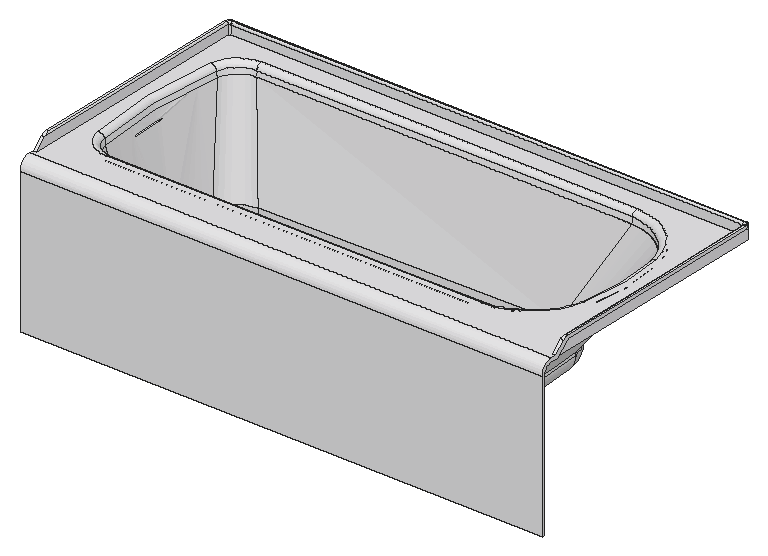
Revit family "Bath-Alcove-KOHLER-AVEC-K-25830_1", category Plumbing Fixtures, host Face, Revit 2021
Family settings
  Host = Face
  Round Connector Dimension = Use Diameter
  Part Type = Normal
  OmniClass Number = 23.31.15.00
  OmniClass Title = Bathtubs
  Cut with Voids When Loaded = No
  Shared = No
  Room Calculation Point = No
Parameters (values of type "Left Drain, 0-White")
  Width = 30"  # constant formula
  WaterSense Certified = 1 = 0  # no
  Waste Water Outlet = "Waste Water Outlet"  # constant formula
  Waste Connection = 1 = 1  # yes
  Vent Connection = 1 = 0  # no
  URL = "https://www.us.kohler.com/us/"
  Type = 1
  Right Drain = or(Type = 4, Type = 5, Type = 6)  # no
  Product Page URL = "http://www.us.kohler.com/us/catalog/productDetails.jsp?productId=25830-LA"
  Product Name = "AVEC\r\n"  # constant formula
  Product Documentation Link = "https://www.us.kohler.com/webassets/kpna/catalog/pdf/en/K-25830-LA_spec_US-CA_Kohler_en.pdf"
  Model = if(Type = 1, "K-25830-LA-0", if(Type = 2, "K-25830-LA-96", if(Type = 3, "K-25830-LA-NY", if(Type = 4, "K-25830-RA-0", if(Type = 5, "K-25830-RA-96", if(Type = 6, "K-25830-RA-NY", "NA"))))))  # "K-25830-LA-0"
  Material = "Acrylic\r\n"  # constant formula
  Master Format 2014 Name = "Residential Bathtubs"  # constant formula
  Master Format 2014 = "22 41 19"  # constant formula
  Manufacturer Address = "444 Highland Dr, Kohler, WI 53044"  # constant formula
  Manufacturer = "Kohler Co."  # constant formula
  Length = 60"  # constant formula
  Left Drain = or(Type = 1, Type = 2, Type = 3)  # yes
  Hot Water Inlet = "Hot Water Inlet"  # constant formula
  Height = 19 95/256"  # constant formula
  HW Connection = 1 = 0  # no
  Finish = KOHLER-Acrylic-0-White
  Environmental Product Declaration = ""
  Drain Included = 1 = 0  # no
  Distance To Connector = if(Right Drain, 10.40551", 49.52756")  # 49.52756"
  Description = if(or(Type = 1, Type = 2, Type = 3), "NEW CORE 60 INCH X 30 INCH IA BATH, LEFT HAND DRAIN", "NEW CORE 60 INCH X 30 INCH IA BATH, RIGHT HAND DRAIN")  # "NEW CORE 60 INCH X 30 INCH IA BATH, LEFT HAND DRAIN"
  Default Elevation = 0"
  Declare Label = ""
  Date Modified = "01/06/2023"  # constant formula
  Date Created = "01/06/2023"  # constant formula
  Copyright = "Copyright Kohler Co."  # constant formula
  Contact Us = "https://www.us.kohler.com/us/static/contact.jsp"
  Cold Water Inlet = "Cold Water Inlet"  # constant formula
  CW Connection = 1 = 0  # no
  Assembly Code = "D2010500"
  ADA Compliant = 1 = 0  # no
Types (7): name | Type | Right Drain | Product Page URL | Product Documentation Link | Model | Left Drain | Finish | Distance To Connector | Description
  (no name) | 1 | no | "http://www.us.kohler.com/us/catalog/productDetails.jsp?productId=25830-LA" | "https://www.us.kohler.com/webassets/kpna/catalog/pdf/en/K-25830-LA_spec_US-CA_Kohler_en.pdf" | "K-25830-LA-0" | yes | KOHLER-Acrylic-0-White | 49.52756" | "NEW CORE 60 INCH X 30 INCH IA BATH, LEFT HAND DRAIN"
  Right Drain, 0-White | 4 | yes | "http://www.us.kohler.com/us/catalog/productDetails.jsp?productId=25830-RA" | "https://www.us.kohler.com/webassets/kpna/catalog/pdf/en/K-25830-RA_spec_US-CA_Kohler_en.pdf" | "K-25830-RA-0" | no | KOHLER-Acrylic-0-White | 10.40551" | "NEW CORE 60 INCH X 30 INCH IA BATH, RIGHT HAND DRAIN"
  Left Drain, 0-White | 1 | no | "http://www.us.kohler.com/us/catalog/productDetails.jsp?productId=25830-LA" | "https://www.us.kohler.com/webassets/kpna/catalog/pdf/en/K-25830-LA_spec_US-CA_Kohler_en.pdf" | "K-25830-LA-0" | yes | KOHLER-Acrylic-0-White | 49.52756" | "NEW CORE 60 INCH X 30 INCH IA BATH, LEFT HAND DRAIN"
  Left Drain, 96-Biscuit | 2 | no | "http://www.us.kohler.com/us/catalog/productDetails.jsp?productId=25830-LA" | "https://www.us.kohler.com/webassets/kpna/catalog/pdf/en/K-25830-LA_spec_US-CA_Kohler_en.pdf" | "K-25830-LA-96" | yes | KOHLER-Acrylic-96-Biscuit | 49.52756" | "NEW CORE 60 INCH X 30 INCH IA BATH, LEFT HAND DRAIN"
  Left Drain, NY-Dune | 3 | no | "http://www.us.kohler.com/us/catalog/productDetails.jsp?productId=25830-LA" | "https://www.us.kohler.com/webassets/kpna/catalog/pdf/en/K-25830-LA_spec_US-CA_Kohler_en.pdf" | "K-25830-LA-NY" | yes | KOHLER-Acrylic-NY-Dune | 49.52756" | "NEW CORE 60 INCH X 30 INCH IA BATH, LEFT HAND DRAIN"
  Right Drain, 96-Biscuit | 5 | yes | "http://www.us.kohler.com/us/catalog/productDetails.jsp?productId=25830-RA" | "https://www.us.kohler.com/webassets/kpna/catalog/pdf/en/K-25830-RA_spec_US-CA_Kohler_en.pdf" | "K-25830-RA-96" | no | KOHLER-Acrylic-96-Biscuit | 10.40551" | "NEW CORE 60 INCH X 30 INCH IA BATH, RIGHT HAND DRAIN"
  Right Drain, NY-Dune | 6 | yes | "http://www.us.kohler.com/us/catalog/productDetails.jsp?productId=25830-RA" | "https://www.us.kohler.com/webassets/kpna/catalog/pdf/en/K-25830-RA_spec_US-CA_Kohler_en.pdf" | "K-25830-RA-NY" | no | KOHLER-Acrylic-NY-Dune | 10.40551" | "NEW CORE 60 INCH X 30 INCH IA BATH, RIGHT HAND DRAIN"
Reference planes (in)
  plane 1 "Center (Front/Back)": y = 0
  plane 2: z = 0
  plane 3 "Center (Left/Right)": x = 0
  plane 4: y = 15
  plane 5: y = -15
  plane 6: x = 30
  plane 7: x = 27.4685
  plane 8: x = 19.59449
  plane 9 "A": y = 1.37402
  plane 10: x = -30
  plane 11: x = -28.49606
  plane 12: x = -23.90157
  plane 13: x = -19.52756
  plane 14: x = -27.4685
  plane 15: x = 23.90157
  plane 16: x = 28.49606
  plane 17: y = 10.77756
  plane 18: y = 13.12008
  plane 19: y = -10.37205
  plane 20: y = -8.02953
  plane 21: z = 0.1585
  plane 22: z = 1.58298
  plane 23: z = 19.37109
  plane 24: z = 18.15062
Forms (in)
  Revolve 1, solid, material "KOHLER-Acrylic-0-White" <- "Finish", detail levels medium+fine
    sketch origin (0, 1.37402, 0) x (1, 0, 0) y (0, 0, 1)
      loop
        line (-19.52756, 0) -> (-19.52756, 1.1811) -> (-20.11811, 1.1811) -> (-20.11811, 0) -> (-19.52756, 0)
      axis (-19.52756, 0) -> (-19.52756, 1.1811)
    angle from 0 to 360
Dimensions and locks (in)
  plane 10 to plane 13 = 10.47244"  (x2)
  plane 9 "A" to plane 5 = 16.37402"
  "Distance To Connector": plane 13 to plane 6
  plane 8 to plane 6 = 10.40551"
  "Length": plane 10 to plane 6
  "Width": plane 5 to plane 4
  plane 5 to plane 9 "A" = 16.37402"
  plane 11 to plane 7 = 55.96457"
  plane 12 to plane 8 = 43.49606"
  plane 19 to plane 18 = 23.49213"
  plane 17 to plane 20 = 18.80709"
  "Height": plane 23 to level
  plane 24 to plane 23 = 1.22047"
  plane 21 to plane 24 = 17.99213"
  aligned and locked: plane 2 to host face
  aligned and locked: level to host face
Automatic sketch dimensions
  host sketch curve to host sketch curve = 96"  (x2)
  Revolve 1 sketch curve to level = 0"  (x2)
  plane 13 to Revolve 1 sketch curve = 0"  (x2)
  Revolve 1 sketch curve to Revolve 1 sketch curve = 0.59055"
  Revolve 1 sketch curve to Revolve 1 sketch curve = 1.1811"
  Revolve 1 sketch curve to level = 1.77165"
Nested families (in)
  nested 1: "K-25830" at (0, 0, 0), visible <- "Left Drain", type "K-25830"
  nested 2: "K-25830" at (0, 0, 0) x (-1, 0, 0) z (0, 0, 1), visible <- "Right Drain", type "K-25830"
Connectors (in)
  piping at (-19.52756, 1.37402, 0), diameter 1.5, driven by "Waste Connection", driven by "Waste Water Outlet"
    settings: on Revolve 1, index 1, connector inside diameter 24", connector length 0", flow factor 0, pipe flow 0 GPM, pressure drop 0.00 psi, fitting loss kfactor 0, connector angle 0.00°, fixture units 0, engagement length 0", angle of deflection 0.00°, flow configuration 0, flow direction 2, fitting loss method 0, system type 16, joint type 0, gender type 0, connector reference index -1, connector utility 1, adjustable connector no, is connector primary yes, connector description "Waste Water Outlet"
Definition of nested family "K-25830"
  Parameters (values of type "K-25830")
    Material = none
    Default Elevation = 0"
  Reference planes (in)
    plane 1 "Center (Front/Back)": y = 0
    plane 2: z = 0
    plane 3 "Center (Left/Right)": x = 0
    plane 4: x = -30
    plane 5: x = 30
    plane 6: y = 15
    plane 7: y = -15
    plane 8 "S": y = 1.37402
    plane 9: x = -19.52756
    plane 10: x = 27.4685
    plane 11: x = -28.49606
    plane 12: x = 19.59449
    plane 13: x = -23.90157
    plane 14: z = 18.14961
    plane 15: y = 13.12008
    plane 16: y = -10.37205
    plane 17: y = 10.77756
    plane 18: y = -8.02953
    plane 19: z = 19.37008
    plane 20: z = 1.58298
    plane 21: z = 0.15748
  Forms (in)
    Blend 1, solid, material <- "Material", detail levels medium+fine
      base sketch origin (0, 0, 0) x (1, 0, 0) y (0, 1, 0)
        loop
          arc (-26.06746, 6.80636) -> (-26.46859, 1.37553) -> (-26.07122, -4.05557) r 37.13773
          arc (-26.07122, -4.05557) -> (-24.77505, -6.43866) -> (-22.24505, -7.41759) r 3.93701
          line (-22.24505, -7.41759) -> (11.67915, -8.00973)
          arc (11.67915, -8.00973) -> (14.81263, -6.89316) -> (16.43353, -3.98831) r 4.72441
          arc (16.43353, -3.98831) -> (16.85406, 1.33137) -> (16.52485, 6.65748) r 37.97937
          arc (16.52485, 6.65748) -> (14.92343, 9.61628) -> (11.75912, 10.75916) r 4.72441
          line (11.75912, 10.75916) -> (-22.24169, 10.16568)
          arc (-22.24169, 10.16568) -> (-24.77066, 9.18765) -> (-26.06746, 6.80636) r 3.93701
      top sketch origin (0, 0, 0) x (1, 0, 0) y (0, 1, 0)
        loop
          arc (-27.72988, 9.69802) -> (-28.49653, 1.30189) -> (-27.82695, -7.10254) r 49.49187
          arc (-27.82695, -7.10254) -> (-26.68129, -9.1735) -> (-24.48733, -10.06119) r 3.54331
          arc (-24.48733, -10.06119) -> (-2.47405, -10.55199) -> (19.53983, -10.08895) r 508.28402
          arc (19.53983, -10.08895) -> (24.22467, -8.28764) -> (26.86938, -4.02173) r 7.87402
          arc (26.86938, -4.02173) -> (27.51575, 1.10618) -> (27.07687, 6.256) r 24.61
          arc (27.07687, 6.256) -> (24.48803, 10.72947) -> (19.68316, 12.63399) r 7.87402
          arc (19.68316, 12.63399) -> (-2.3569, 13.10324) -> (-24.39658, 12.61635) r 508.28402
          arc (-24.39658, 12.61635) -> (-26.57557, 11.74238) -> (-27.72988, 9.69802) r 3.54331
      from 4.9249 to 17.99213
    Blend 2, void
      base sketch origin (0, 0, 0) x (1, 0, 0) y (0, 1, 0)
        loop
          arc (15.74431, 6.55381) -> (14.40979, 9.01948) -> (11.77286, 9.97188) r 3.93701
          line (11.77286, 9.97188) -> (-22.22794, 9.37839)
          arc (-22.22794, 9.37839) -> (-24.25113, 8.59598) -> (-25.28856, 6.69094) r 3.14961
          arc (-25.28856, 6.69094) -> (-25.68119, 1.37526) -> (-25.29224, -3.94069) r 36.35032
          arc (-25.29224, -3.94069) -> (-24.2553, -5.84717) -> (-22.2313, -6.6303) r 3.14961
          line (-22.2313, -6.6303) -> (11.69289, -7.22245)
          arc (11.69289, -7.22245) -> (14.30413, -6.29197) -> (15.65487, -3.87126) r 3.93701
          arc (15.65487, -3.87126) -> (16.06669, 1.33813) -> (15.74431, 6.55381) r 37.19197
      top sketch origin (0, 0, 0) x (1, 0, 0) y (0, 1, 0)
        loop
          arc (26.10282, -3.84177) -> (26.72851, 1.12207) -> (26.30368, 6.10713) r 23.8226
          arc (26.30368, 6.10713) -> (23.97372, 10.13325) -> (19.64933, 11.84732) r 7.08661
          arc (19.64933, 11.84732) -> (-2.35659, 12.31583) -> (-24.36212, 11.82971) r 507.49662
          arc (-24.36212, 11.82971) -> (-26.0569, 11.14995) -> (-26.95469, 9.55989) r 2.75591
          arc (-26.95469, 9.55989) -> (-27.70914, 1.29734) -> (-27.05022, -6.97337) r 48.70447
          arc (-27.05022, -6.97337) -> (-26.15915, -8.58413) -> (-24.45274, -9.27455) r 2.75591
          arc (-24.45274, -9.27455) -> (-2.47355, -9.76459) -> (19.50623, -9.30227) r 507.49662
          arc (19.50623, -9.30227) -> (23.72258, -7.68109) -> (26.10282, -3.84177) r 7.08661
      from 4.9249 to 17.99213
    Sweep 3, solid, material <- "Material", detail levels medium+fine
      path origin (0, 0, 0) x (1, 0, 0) y (0, 1, 0)
        loop
          arc (16.52485, 6.65748) -> (14.92343, 9.61628) -> (11.75912, 10.75916) r 4.72441
          line (11.75912, 10.75916) -> (-22.24169, 10.16568)
          arc (-22.24169, 10.16568) -> (-24.77066, 9.18765) -> (-26.06746, 6.80636) r 3.93701
          arc (-26.06746, 6.80636) -> (-26.46859, 1.37553) -> (-26.07122, -4.05557) r 37.13773
          arc (-26.07122, -4.05557) -> (-24.77505, -6.43866) -> (-22.24505, -7.41759) r 3.93701
          line (-22.24505, -7.41759) -> (11.67915, -8.00973)
          arc (11.67915, -8.00973) -> (14.81263, -6.89316) -> (16.43353, -3.98831) r 4.72441
          arc (16.43353, -3.98831) -> (16.85406, 1.33137) -> (16.52485, 6.65748) r 37.97937
      profile origin (16.85406, 1.33137, 0) x (0.999963, -0.008578, 0) y (0, 0, 1)
        loop
          line (0, 4.5312) -> (0, 4.9249) -> (-0.7874, 4.9249) -> (-0.7874, 4.13749)
          arc (-0.7874, 4.13749) -> (-1.19099, 3.16313) -> (-2.16535, 2.75954) r 1.37795
          line (-2.16535, 2.75954) -> (-2.75591, 2.75954) -> (-2.75591, 2.36584) -> (-2.16535, 2.36584)
          arc (-2.16535, 2.36584) -> (-0.63422, 3.00006) -> (0, 4.5312) r 2.16535
    Extrusion 4, solid, material <- "Material", detail levels medium+fine
      sketch origin (0, 0, 0) x (1, 0, 0) y (0, 1, 0)
        loop
          arc (13.79294, 6.29464) -> (13.12568, 7.52748) -> (11.80721, 8.00368) r 1.9685
          line (11.80721, 8.00368) -> (-22.19359, 7.41019)
          arc (-22.19359, 7.41019) -> (-22.95228, 7.11678) -> (-23.34132, 6.40239) r 1.1811
          arc (-23.34132, 6.40239) -> (-23.71269, 1.37458) -> (-23.3448, -3.6535) r 34.38182
          arc (-23.3448, -3.6535) -> (-22.95595, -4.36842) -> (-22.19695, -4.6621) r 1.1811
          line (-22.19695, -4.6621) -> (11.72725, -5.25425)
          arc (11.72725, -5.25425) -> (13.03287, -4.78901) -> (13.70824, -3.57865) r 1.9685
          arc (13.70824, -3.57865) -> (14.09826, 1.35501) -> (13.79294, 6.29464) r 35.22347
      from 2.36584 to 2.75954
    Extrusion 5, void
      sketch origin (0, 0, 0) x (1, 0, 0) y (0, 0, 1)
        loop
          line (-30, 16.81102) -> (30, 16.81102) -> (30, 21.53543) -> (-30, 21.53543) -> (-30, 16.81102)
      from -15.7078 to 15.40287
    Sweep 6, solid, material <- "Material", detail levels medium+fine
      path origin (0, 0, 0) x (1, 0, 0) y (0, 1, 0)
        loop
          arc (-27.65214, -6.7667) -> (-26.49117, -8.86506) -> (-24.26599, -9.75921) r 3.57853
          arc (-24.26599, -9.75921) -> (-2.69902, -10.19655) -> (18.86808, -9.76546) r 535.81907
          arc (18.86808, -9.76546) -> (23.44029, -7.99607) -> (25.97484, -3.7994) r 7.58425
          arc (25.97484, -3.7994) -> (26.55384, 1.22995) -> (26.12644, 6.27445) r 25.46363
          arc (26.12644, 6.27445) -> (23.62943, 10.62441) -> (18.96354, 12.46467) r 7.58425
          arc (18.96354, 12.46467) -> (-2.61856, 12.86454) -> (-24.19926, 12.39495) r 535.8997
          arc (-24.19926, 12.39495) -> (-26.40805, 11.51069) -> (-27.57411, 9.4368) r 3.57833
          arc (-27.57411, 9.4368) -> (-28.29728, 1.33834) -> (-27.65214, -6.7667) r 48.31311
      profile origin (-28.29728, 1.33834, 0) x (-0.999988, 0.004816, 0) y (0, 0, 1)
        loop
          line (-0.7874, 16.81102) -> (-0.0141, 16.81102) -> (0.09395, 17.4238)
          arc (0.09395, 17.4238) -> (0.16128, 17.54041) -> (0.28781, 17.58646) r 0.19685
          line (0.28781, 17.58646) -> (0.61476, 17.58646) -> (0.61476, 17.99213) -> (0.01766, 17.99213)
          arc (0.01766, 17.99213) -> (-0.43952, 17.82573) -> (-0.68277, 17.40439) r 0.71124
          line (-0.68277, 17.40439) -> (-0.7874, 16.81102)
    Extrusion 7, solid, material <- "Material", detail levels medium+fine
      sketch origin (0, 0, 0) x (1, 0, 0) y (0, 1, 0)
        loop
          arc (-28.10488, -6.89911) -> (-26.80111, -9.25872) -> (-24.29991, -10.26451) r 4.02105
          arc (-24.29991, -10.26451) -> (-2.72746, -10.73797) -> (18.84657, -10.3432) r 536.26159
          arc (18.84657, -10.3432) -> (23.65571, -8.50283) -> (26.35711, -4.11909) r 8.02692
          arc (26.35711, -4.11909) -> (26.99452, 1.1183) -> (26.5576, 6.37622) r 25.90615
          arc (26.5576, 6.37622) -> (23.90991, 10.96621) -> (18.97918, 12.90691) r 8.0286
          arc (18.97918, 12.90691) -> (-2.61984, 13.30706) -> (-24.21746, 12.83709) r 536.34221
          arc (-24.21746, 12.83709) -> (-26.70295, 11.84527) -> (-28.01547, 9.51317) r 4.02085
          arc (-28.01547, 9.51317) -> (-28.75574, 1.31082) -> (-28.10488, -6.89911) r 48.75563
        loop
          arc (29.6063, 14.40945) -> (29.54864, 14.54864) -> (29.40945, 14.6063) r 0.19685
          line (29.40945, 14.6063) -> (-29.40945, 14.6063)
          arc (-29.40945, 14.6063) -> (-29.54864, 14.54864) -> (-29.6063, 14.40945) r 0.19685
          line (-29.6063, 14.40945) -> (-29.6063, -13.04144) -> (29.6063, -13.04144) -> (29.6063, 14.40945)
      from 17.58646 to 17.99213
    Sweep 8, solid, material <- "Material", detail levels medium+fine
      path origin (0, 0, 0) x (1, 0, 0) y (0, 1, 0)
        loop
          line (-30, -13.632) -> (-30, 14.40945)
          arc (-30, 14.40945) -> (-29.82703, 14.82703) -> (-29.40945, 15) r 0.59055
          line (-29.40945, 15) -> (29.40945, 15)
          arc (29.40945, 15) -> (29.82703, 14.82703) -> (30, 14.40945) r 0.59055
          line (30, 14.40945) -> (30, -13.54331)
      profile origin (-30, 0.38873, 0) x (-1, 0, 0) y (0, 0, 1)
        loop
          line (0, 19.24409) -> (-0.19685, 19.24409)
          arc (-0.19685, 19.24409) -> (-0.33604, 19.18644) -> (-0.3937, 19.04724) r 0.19685
          line (-0.3937, 19.04724) -> (-0.3937, 17.58646) -> (0, 17.58646) -> (0, 19.24409)
    Extrusion 9, void
      sketch origin (0, 0, 0) x (0, 1, 0) y (0, 0, 1)
        loop
          line (-11.15377, 19.24409) -> (-9.38842, 19.24409) -> (-9.38842, 19.6378) -> (-13.71431, 19.6378) -> (-13.71431, 17.42586) -> (-11.85983, 18.98653)
          arc (-11.85983, 18.98653) -> (-11.52956, 19.17769) -> (-11.15377, 19.24409) r 1.09654
      from -32.79571 to 31.90324
    Extrusion 10, solid, material <- "Material", detail levels medium+fine
      sketch origin (0, 0, 0) x (0, 1, 0) y (0, 0, 1)
        loop
          line (-14.95518, 0.15748) -> (-14.70912, 0.15748) -> (-14.70912, 16.60221)
          arc (-14.70912, 16.60221) -> (-14.42084, 17.29818) -> (-13.72487, 17.58646) r 0.98425
          line (-13.72487, 17.58646) -> (-13.04144, 17.58646) -> (-13.04144, 17.99213) -> (-13.57723, 17.99213)
          arc (-13.57723, 17.99213) -> (-14.55159, 17.58853) -> (-14.95518, 16.61417) r 1.37795
          line (-14.95518, 16.61417) -> (-14.95518, 0.15748)
      from -30 to 30
    Extrusion 11, solid, material <- "Material", detail levels medium+fine
      sketch origin (0, 0, 0) x (1, 0, 0) y (0, 1, 0)
        loop
          line (12.52006, 7.43044) -> (8.97675, 7.43044) -> (8.97675, 5.91373) -> (12.52006, 5.91373) -> (12.52006, 7.43044)
        loop
          line (12.52006, -3.00263) -> (8.97675, -3.00263) -> (8.97675, -4.51934) -> (12.52006, -4.51934) -> (12.52006, -3.00263)
        loop
          line (-16.81065, -3.00263) -> (-20.35396, -3.00263) -> (-20.35396, -4.51934) -> (-16.81065, -4.51934) -> (-16.81065, -3.00263)
        loop
          line (-16.81065, 7.43044) -> (-20.35396, 7.43044) -> (-20.35396, 5.91373) -> (-16.81065, 5.91373) -> (-16.81065, 7.43044)
      from 0.0037 to 2.55082
    Revolve 12, void
      sketch origin (0, 1.37402, 0) x (-1, 0, 0) y (0, 0, 1)
        loop
          line (19.52756, 2.75986) -> (19.52756, 1.9589) -> (20.87633, 1.9589)
          arc (20.87633, 1.9589) -> (20.95952, 1.97734) -> (21.02713, 2.02922) r 0.19685
          line (21.02713, 2.02922) -> (21.64021, 2.75986) -> (19.52756, 2.75986)
        axis (19.52756, 2.75986) -> (19.52756, 1.9589)
      angle from 0 to 360
    Revolve 13, solid, material <- "Material", detail levels medium+fine
      sketch origin (0, 1.37402, 0) x (-1, 0, 0) y (0, 0, 1)
        loop
          line (19.52756, 2.96852) -> (19.52756, 2.36584) -> (20.41697, 2.36584) -> (20.45452, 2.506)
          arc (20.45452, 2.506) -> (20.48137, 2.55024) -> (20.52778, 2.57313) r 0.09247
          line (20.52778, 2.57313) -> (20.87704, 2.63472)
          arc (20.87704, 2.63472) -> (20.90201, 2.67037) -> (20.86636, 2.69534) r 0.03078
          line (20.86636, 2.69534) -> (20.42177, 2.61695)
          arc (20.42177, 2.61695) -> (20.39212, 2.60233) -> (20.37498, 2.57407) r 0.05906
          line (20.37498, 2.57407) -> (20.33024, 2.40709) -> (19.71456, 2.40709) -> (19.71456, 2.73691) -> (20.89003, 2.73691)
          arc (20.89003, 2.73691) -> (20.91508, 2.75886) -> (20.89663, 2.78658) r 0.02527
          arc (20.89663, 2.78658) -> (20.21811, 2.92284) -> (19.52756, 2.96852) r 5.24199
        axis (19.52756, 2.96852) -> (19.52756, 2.36584)
      angle from 0 to 360
    Revolve 14, solid, material <- "Material", detail levels medium+fine
      sketch origin (0, 1.37402, 0) x (-1, 0, 0) y (0, 0, 1)
        loop
          line (19.52756, 2.36584) -> (19.52756, 0) -> (20.34887, 0) -> (20.46394, 0.11507) -> (20.46394, 1.77701) -> (20.95242, 1.77701)
          arc (20.95242, 1.77701) -> (21.10839, 1.81518) -> (21.22911, 1.92105) r 0.33778
          line (21.22911, 1.92105) -> (21.54056, 2.36584) -> (19.52756, 2.36584)
        axis (19.52756, 2.36584) -> (19.52756, 0)
      angle from 0 to 360
    Extrusion 15, void
      sketch origin (-116.071, 0, -1.4795) x (0, 1, 0) y (0, 0, 1)
        loop
          line (1.85449, 17.14811) -> (-1.85449, 17.14811)
          arc (-1.85449, 17.14811) -> (-1.9726, 17.03) -> (-1.85449, 16.91189) r 0.11811
          line (-1.85449, 16.91189) -> (1.85449, 16.91189)
          arc (1.85449, 16.91189) -> (1.9726, 17.03) -> (1.85449, 17.14811) r 0.11811
      from 81.77313 to 92.31565
    Blend 16, solid, material <- "Material", detail levels coarse
      base sketch origin (0, 0, 0) x (1, 0, 0) y (0, 1, 0)
        loop
          arc (-19.96457, 10.77756) -> (-22.74845, 9.62444) -> (-23.90157, 6.84055) r 3.93701
          line (-23.90157, 6.84055) -> (-23.90157, -4.09252)
          arc (-23.90157, -4.09252) -> (-22.74845, -6.8764) -> (-19.96457, -8.02953) r 3.93701
          line (-19.96457, -8.02953) -> (15.65748, -8.02953)
          arc (15.65748, -8.02953) -> (18.44137, -6.8764) -> (19.59449, -4.09252) r 3.93701
          line (19.59449, -4.09252) -> (19.59449, 6.84055)
          arc (19.59449, 6.84055) -> (18.44137, 9.62444) -> (15.65748, 10.77756) r 3.93701
          line (15.65748, 10.77756) -> (-19.96457, 10.77756)
      top sketch origin (0, 0, 0) x (1, 0, 0) y (0, 1, 0)
        loop
          arc (-24.55906, 13.12008) -> (-27.34294, 11.96696) -> (-28.49606, 9.18307) r 3.93701
          line (-28.49606, 9.18307) -> (-28.49606, -6.43504)
          arc (-28.49606, -6.43504) -> (-27.34294, -9.21892) -> (-24.55906, -10.37205) r 3.93701
          line (-24.55906, -10.37205) -> (23.5315, -10.37205)
          arc (23.5315, -10.37205) -> (26.31538, -9.21892) -> (27.4685, -6.43504) r 3.93701
          line (27.4685, -6.43504) -> (27.4685, 9.18307)
          arc (27.4685, 9.18307) -> (26.31538, 11.96696) -> (23.5315, 13.12008) r 3.93701
          line (23.5315, 13.12008) -> (-24.55906, 13.12008)
      from 2.36584 to 17.99213
    Blend 17, void
      base sketch origin (0, 0, 0) x (1, 0, 0) y (0, 1, 0)
        loop
          arc (-23.50787, -4.09252) -> (-22.47006, -6.59802) -> (-19.96457, -7.63583) r 3.54331
          line (-19.96457, -7.63583) -> (15.65748, -7.63583)
          arc (15.65748, -7.63583) -> (18.16298, -6.59802) -> (19.20079, -4.09252) r 3.54331
          line (19.20079, -4.09252) -> (19.20079, 6.84055)
          arc (19.20079, 6.84055) -> (18.16298, 9.34605) -> (15.65748, 10.38386) r 3.54331
          line (15.65748, 10.38386) -> (-19.96457, 10.38386)
          arc (-19.96457, 10.38386) -> (-22.47006, 9.34605) -> (-23.50787, 6.84055) r 3.54331
          line (-23.50787, 6.84055) -> (-23.50787, -4.09252)
      top sketch origin (0, 0, 0) x (1, 0, 0) y (0, 1, 0)
        loop
          line (-28.10236, 9.18307) -> (-28.10236, -6.43504)
          arc (-28.10236, -6.43504) -> (-27.06455, -8.94054) -> (-24.55906, -9.97835) r 3.54331
          line (-24.55906, -9.97835) -> (23.5315, -9.97835)
          arc (23.5315, -9.97835) -> (26.03699, -8.94054) -> (27.0748, -6.43504) r 3.54331
          line (27.0748, -6.43504) -> (27.0748, 9.18307)
          arc (27.0748, 9.18307) -> (26.03699, 11.68857) -> (23.5315, 12.72638) r 3.54331
          line (23.5315, 12.72638) -> (-24.55906, 12.72638)
          arc (-24.55906, 12.72638) -> (-27.06455, 11.68857) -> (-28.10236, 9.18307) r 3.54331
      from 3.2121 to 17.99213
    Extrusion 18, solid, material <- "Material", detail levels coarse
      sketch origin (0, 0, 0) x (1, 0, 0) y (0, 1, 0)
        loop
          line (-30, 15) -> (-30, -15) -> (30, -15) -> (30, 15) -> (-30, 15)
        loop
          arc (-28.10236, -6.43504) -> (-27.06455, -8.94054) -> (-24.55906, -9.97835) r 3.54331
          line (-24.55906, -9.97835) -> (23.5315, -9.97835)
          arc (23.5315, -9.97835) -> (26.03699, -8.94054) -> (27.0748, -6.43504) r 3.54331
          line (27.0748, -6.43504) -> (27.0748, 9.18307)
          arc (27.0748, 9.18307) -> (26.03699, 11.68857) -> (23.5315, 12.72638) r 3.54331
          line (23.5315, 12.72638) -> (-24.55906, 12.72638)
          arc (-24.55906, 12.72638) -> (-27.06455, 11.68857) -> (-28.10236, 9.18307) r 3.54331
          line (-28.10236, 9.18307) -> (-28.10236, -6.43504)
      from 17.43248 to 17.99213
    Extrusion 19, solid, material <- "Material", detail levels coarse
      sketch origin (0, 0, 0) x (1, 0, 0) y (0, 1, 0)
        loop
          line (-29.40305, -12.65775) -> (-29.40305, 14.43681) -> (29.40305, 14.43681) -> (29.40305, -12.65775)
          arc (29.40305, -12.65775) -> (29.56243, -13.26912) -> (30, -13.72487) r 1.25228
          line (30, -13.72487) -> (30, 15) -> (-30, 15) -> (-30, -13.72487)
          arc (-30, -13.72487) -> (-29.56243, -13.26912) -> (-29.40305, -12.65775) r 1.25228
      from 17.99213 to 19.24409
    Extrusion 20, solid, material <- "Material", detail levels coarse
      sketch origin (0, 0, 0) x (1, 0, 0) y (0, 1, 0)
        loop
          line (-20.35396, -3.00263) -> (-20.35396, -4.51934) -> (-16.81065, -4.51934) -> (-16.81065, -3.00263) -> (-20.35396, -3.00263)
        loop
          line (-16.81065, 7.43044) -> (-20.35396, 7.43044) -> (-20.35396, 5.91373) -> (-16.81065, 5.91373) -> (-16.81065, 7.43044)
        loop
          circle (-19.52756, 1.37402) r 0.93638
        loop
          line (12.52006, -3.00263) -> (8.97675, -3.00263) -> (8.97675, -4.51934) -> (12.52006, -4.51934) -> (12.52006, -3.00263)
        loop
          line (8.97675, 5.91373) -> (12.52006, 5.91373) -> (12.52006, 7.43044) -> (8.97675, 7.43044) -> (8.97675, 5.91373)
      from 0 to 2.75954
    Extrusion 21, solid, material <- "Material", detail levels coarse
      sketch origin (0, 0, 0) x (1, 0, 0) y (0, 1, 0)
        loop
          line (-30, -15) -> (30, -15) -> (30, -14.38668) -> (-30, -14.38668) -> (-30, -15)
      from 0.15748 to 17.99213
    Extrusion 22, void
      sketch origin (0, 0, 0) x (0, 1, 0) y (0, 0, 1)
        loop
          line (15.86536, 18.9301) -> (-10.9063, 18.9301)
          arc (-10.9063, 18.9301) -> (-11.31026, 18.85887) -> (-11.66549, 18.65378) r 1.1811
          line (-11.66549, 18.65378) -> (-13.21296, 17.3553) -> (15.86536, 17.3553) -> (15.86536, 18.9301)
      from 29.82373 to 35.16062
    Extrusion 23, void
      sketch origin (0, 0, 0) x (0, 1, 0) y (0, 0, -1)
        loop
          line (15.86536, -18.9301) -> (15.86536, -17.3553) -> (-13.21296, -17.3553) -> (-11.66549, -18.65378)
          arc (-11.66549, -18.65378) -> (-11.31026, -18.85887) -> (-10.9063, -18.9301) r 1.1811
          line (-10.9063, -18.9301) -> (15.86536, -18.9301)
      from 29.82373 to 35.16062
    Extrusion 24, void
      sketch origin (0, 0, 0) x (1, 0, 0) y (0, 0, 1)
        loop
          line (30.41428, 18.9301) -> (-31.39674, 18.9301) -> (-31.39674, 17.3553) -> (30.41428, 17.3553) -> (30.41428, 18.9301)
      from -20.34307 to -14.8303
  Cuts and joins
    Blend 2, Extrusion 5, Revolve 12, Extrusion 15 cuts Blend 1
    Revolve 12 cuts Sweep 3
    Revolve 12 cuts Extrusion 4
    joined: Blend 1, Sweep 3, Extrusion 4
    Blend 17, Extrusion 23 cuts Blend 16
    Extrusion 23 cuts Extrusion 18
    Extrusion 23 cuts Extrusion 19
    Extrusion 23 cuts Extrusion 20
    Extrusion 23 cuts Extrusion 21
    joined: Blend 16, Extrusion 18, Extrusion 19, Extrusion 20, Extrusion 21
    Extrusion 23 cuts Sweep 6
    Extrusion 23 cuts Extrusion 7
    Extrusion 9, Extrusion 22, Extrusion 23, Extrusion 24 cuts Sweep 8
    Extrusion 23 cuts Extrusion 10
    joined: Sweep 6, Extrusion 7, Sweep 8, Extrusion 10
  Lines and regions (in)
    Masking region 1
      outline origin (0, 0, 0) x (1, 0, 0) y (0, 1, 0)
        loop
          line (-30, 15) -> (-30, -15) -> (30, -15) -> (30, 15) -> (-30, 15)
    Masking region 2
      outline origin (0, 0, 0) x (1, 0, 0) y (0, 0, 1)
        loop
          line (0, 0.15748) -> (8.97675, 0.15748) -> (8.97675, 0) -> (12.52006, 0) -> (12.52006, 0.15748) -> (30, 0.15748) -> (30, 19.37008) -> (0, 19.37008) -> (-30, 19.37008) -> (-30, 0.15748) -> (-20.46394, 0.15748) -> (-20.46394, 0) -> (-19.52756, 0) -> (-16.81065, 0) -> (-16.81065, 0.15748) -> (0, 0.15748)
    Masking region 3
      outline origin (0, 0, 0) x (0, 1, 0) y (0, 0, 1)
        loop
          line (-15, 0.15748) -> (-14.69153, 0.15748) -> (-14.69153, 16.81657)
          arc (-14.69153, 16.81657) -> (-14.29597, 17.69857) -> (-13.37425, 17.9898) r 1.1811
          line (-13.37425, 17.9898) -> (-10.5636, 17.66356)
          arc (-10.5636, 17.66356) -> (-10.32572, 17.5435) -> (-10.21878, 17.29945) r 0.3937
          arc (-10.21878, 17.29945) -> (-9.45528, 11.16822) -> (-8.00973, 5.16112) r 55.0672
          arc (-8.00973, 5.16112) -> (-6.9256, 3.34646) -> (-5.11229, 2.26009) r 4.33573
          line (-5.11229, 2.26009) -> (-5.11229, 1.68646) -> (-4.59412, 1.68646) -> (-4.59412, 0) -> (-3.01932, 0) -> (-3.01932, 1.64016) -> (-0.51757, 1.64016) -> (-0.38947, 1.41828)
          arc (-0.38947, 1.41828) -> (-0.24536, 1.27418) -> (-0.04851, 1.22143) r 0.3937
          line (-0.04851, 1.22143) -> (0.46668, 1.22143) -> (0.46668, 0) -> (2.28135, 0) -> (2.28135, 1.22143) -> (2.79654, 1.22143)
          arc (2.79654, 1.22143) -> (2.99339, 1.27418) -> (3.1375, 1.41828) r 0.3937
          line (3.1375, 1.41828) -> (3.2656, 1.64016) -> (5.76735, 1.64016) -> (5.76735, 0) -> (7.34215, 0) -> (7.34215, 1.68646) -> (7.86032, 1.68646) -> (7.86032, 2.26009)
          arc (7.86032, 2.26009) -> (9.67363, 3.34646) -> (10.75777, 5.16112) r 4.33573
          arc (10.75777, 5.16112) -> (12.20331, 11.16822) -> (12.96681, 17.29945) r 55.0672
          arc (12.96681, 17.29945) -> (13.07375, 17.5435) -> (13.31163, 17.66356) r 0.3937
          line (13.31163, 17.66356) -> (14.38537, 17.79539)
          arc (14.38537, 17.79539) -> (14.75569, 17.99023) -> (14.90395, 18.38154) r 0.59055
          line (14.90395, 18.38154) -> (14.90395, 19.05871)
          arc (14.90395, 19.05871) -> (14.9301, 19.14636) -> (15, 19.20536) r 0.15997
          line (15, 19.20536) -> (15, 19.37008) -> (-12.25964, 19.37008)
          arc (-12.25964, 19.37008) -> (-12.51498, 19.31929) -> (-12.73145, 19.17465) r 0.66725
          line (-12.73145, 19.17465) -> (-13.24186, 18.66424)
          arc (-13.24186, 18.66424) -> (-13.46819, 18.52572) -> (-13.73276, 18.50536) r 0.56698
          arc (-13.73276, 18.50536) -> (-14.61565, 18.258) -> (-15, 17.42554) r 1.09368
          line (-15, 17.42554) -> (-15, 0.15748)
    symbolic lines, detail levels medium+fine
      curve 1: line (0, -13.33117, 0) -> (-29.59953, -13.33117, 0)
      curve 6: arc (-21.95163, 6.14325, 0) -> (-22.35011, 1.36286, 0) -> (-21.89953, -3.41291, 0) r 27.10162
      curve 7: arc (-20.67464, 7.2833, 0) -> (-3.48392, 7.93183, 0) -> (13.71889, 7.86224, 0) r 412.04575
      curve 8: arc (-20.62502, -4.53818, 0) -> (-3.51742, -5.18323, 0) -> (13.60221, -5.1171, 0) r 412.04575
      curve 9: arc (15.96652, 6.01079, 0) -> (16.44434, 1.33264, 0) -> (15.83526, -3.33024, 0) r 20.34329
      curve 10: arc (-21.95163, 6.14325, 0) -> (-21.51164, 6.93563, 0) -> (-20.67464, 7.2833, 0) r 1.37795
      curve 11: arc (-20.62502, -4.53818, 0) -> (-21.45651, -4.19554, 0) -> (-21.89953, -3.41291, 0) r 1.37795
      curve 12: arc (15.96652, 6.01079, 0) -> (15.16192, 7.32404, 0) -> (13.71889, 7.86224, 0) r 2.3622
      curve 13: arc (13.60221, -5.1171, 0) -> (15.01988, -4.60001, 0) -> (15.83526, -3.33024, 0) r 2.3622
      curve 14: arc (-17.74553, 1.37402, 0) -> (-19.52756, 3.15604, 0) -> (-21.30959, 1.37402, 0) r 1.78203
      curve 15: arc (-21.30959, 1.37402, 0) -> (-19.52756, -0.40801, 0) -> (-17.74553, 1.37402, 0) r 1.78203
      curve 16: circle (-19.52756, 1.37402, 0) r 2.013 normal (0, 0, 1)
      curve 18: circle (-19.52756, 1.37402, 0) r 1.48875 normal (0, 0, 1)
      curve 28: arc (24.85426, 7.67757, 0) -> (24.22891, 9.37632, 0) -> (22.96381, 10.67105, 0) r 4.33071
      curve 29: spline (22.96381, 10.67105, 0) -> (22.50334, 10.96103, 0) -> (22.02927, 11.2282, 0) -> (21.54273, 11.47191, 0) -> (21.04487, 11.69159, 0) -> (20.53688, 11.88671, 0) -> (20.01998, 12.0568, 0) -> (19.49539, 12.20147, 0) -> (18.96437, 12.32036, 0) -> (18.42818, 12.4132, 0) -> (17.88809, 12.47976, 0) -> (17.3454, 12.51988, 0) -> (16.8014, 12.53346, 0)
      curve 30: line (16.8014, 12.53346, 0) -> (-23.66559, 12.53346, 0)
      curve 31: arc (24.85427, -4.92954, 0) -> (25.30315, 1.37401, 0) -> (24.85428, 7.67756, 0) r 44.48484
      curve 32: spline (-23.66559, 12.53346, 0) -> (-24.11676, 12.50592, 0) -> (-24.56131, 12.42415, 0) -> (-24.99275, 12.28936, 0) -> (-25.40478, 12.1035, 0) -> (-25.79139, 11.86929, 0) -> (-26.14691, 11.59016, 0) -> (-26.46617, 11.27018, 0) -> (-26.74449, 10.91402, 0) -> (-26.97782, 10.52689, 0) -> (-27.16275, 10.11444, 0) -> (-27.29657, 9.6827, 0) -> (-27.37733, 9.23796, 0)
      curve 33: spline (-27.37733, 9.23796, 0) -> (-27.52056, 7.93205, 0) -> (-27.63782, 6.62355, 0) -> (-27.72908, 5.31298, 0) -> (-27.79428, 4.00086, 0) -> (-27.83342, 2.68769, 0) -> (-27.84646, 1.37402, 0) -> (-27.83342, 0.06034, 0) -> (-27.79428, -1.25282, 0) -> (-27.72908, -2.56495, 0) -> (-27.63782, -3.87552, 0) -> (-27.52056, -5.18402, 0) -> (-27.37733, -6.48993, 0)
      curve 34: arc (24.85426, -4.92953, 0) -> (24.22891, -6.62829, 0) -> (22.96381, -7.92302, 0) r 4.33071
      curve 35: spline (22.96381, -7.92302, 0) -> (22.50334, -8.213, 0) -> (22.02927, -8.48017, 0) -> (21.54273, -8.72388, 0) -> (21.04487, -8.94356, 0) -> (20.53688, -9.13868, 0) -> (20.01998, -9.30877, 0) -> (19.49539, -9.45344, 0) -> (18.96437, -9.57233, 0) -> (18.42817, -9.66517, 0) -> (17.88809, -9.73172, 0) -> (17.3454, -9.77185, 0) -> (16.8014, -9.78543, 0)
      curve 36: line (16.8014, -9.78543, 0) -> (-23.66559, -9.78543, 0)
      curve 37: spline (-23.66559, -9.78543, 0) -> (-24.11676, -9.75789, 0) -> (-24.56131, -9.67612, 0) -> (-24.99275, -9.54133, 0) -> (-25.40478, -9.35547, 0) -> (-25.79139, -9.12126, 0) -> (-26.14691, -8.84213, 0) -> (-26.46617, -8.52215, 0) -> (-26.74449, -8.16599, 0) -> (-26.97782, -7.77886, 0) -> (-27.16275, -7.36641, 0) -> (-27.29657, -6.93467, 0) -> (-27.37733, -6.48993, 0)
      curve 48: line (0, -13.33117, 0) -> (29.59953, -13.33117, 0)
      curve 52: arc (-30, 13.84626, 0) -> (-29.66208, 14.66208, 0) -> (-28.84626, 15, 0) r 1.15374
      curve 53: arc (28.8125, 15, 0) -> (29.65219, 14.65219, 0) -> (30, 13.8125, 0) r 1.1875
      curve 54: line (-30, 0, 18.14961) -> (30, 0, 18.14961)
      curve 55: line (-29.6063, 0, 19.10464) -> (-29.6063, 0, 18.14961)
      curve 56: line (29.6063, 0, 18.14961) -> (29.6063, 0, 19.10464)
      curve 57: arc (-29.84508, 0, 19.37008) -> (-29.67478, 0, 19.28316) -> (-29.6063, 0, 19.10464) r 0.26692
      curve 58: arc (29.6063, 0, 19.10464) -> (29.65512, 0, 19.26462) -> (29.78493, 0, 19.37008) r 0.28652
      curve 59: line (0, 15, 19.07937) -> (0, -12.06243, 19.07937)
      curve 60: line (0, 5.76735, 1.68646) -> (0, 7.34215, 1.68646)
      curve 61: line (0, -3.01932, 1.64016) -> (0, -3.01932, 1.68646)
      curve 62: line (0, 7.43044, 2.02387) -> (0, -4.59412, 2.02387)
      curve 63: line (0, 0.46668, 1.22143) -> (0, 2.28135, 1.22143)
      curve 64: line (0, 12.96681, 17.06323) -> (0, -10.21064, 17.06323)
      curve 65: line (0, -10.26603, 17.46146) -> (0, 13.11286, 17.46146)
      curve 66: line (0, -12.48001, 18.9064) -> (0, -13.39429, 17.99213)
      curve 67: line (0, -13.39429, 17.99213) -> (0, 14.75736, 17.99213)
      curve 68: arc (0, -12.48001, 18.9064) -> (0, -12.28842, 19.03442) -> (0, -12.06243, 19.07937) r 0.59055
      curve 69: arc (0, 3.2656, 1.64016) -> (0, 3.383, 1.82819) -> (0, 3.48713, 2.02387) r 3.20919
      curve 70: arc (0, -0.51757, 1.64016) -> (0, -0.63496, 1.82819) -> (0, -0.7391, 2.02387) r 3.20919
      curve 71: line (0, 2.65683, 16.03002) -> (0, 0.09777, 16.03002)
      curve 72: line (0, 0.09777, 16.03002) -> (0, 0.09777, 15.66861)
      curve 73: line (0, 0.09777, 15.66861) -> (0, 2.65683, 15.66861)
      curve 74: line (0, 2.65683, 15.66861) -> (0, 2.65683, 16.03002)
      curve 76: arc (0, 10.75777, 5.04301) -> (0, 1.37402, 4.92231) -> (0, -8.00973, 5.04301) r 364.83466
      curve 77: line (0, 5.76735, 1.58298) -> (0, 5.76735, 1.68646)
      curve 78: line (0, -4.59412, 1.68646) -> (0, -3.01932, 1.68646)
      curve 79: arc (0, 7.86032, 2.14198) -> (0, 7.65334, 2.05393) -> (0, 7.43044, 2.02387) r 0.84136
      curve 80: arc (0, -4.59412, 2.02387) -> (0, -4.85985, 2.05377) -> (0, -5.11229, 2.14198) r 1.19569
      curve 81: line (-20.46394, 0, 0.15748) -> (-16.81065, 0, 0.15748)
      curve 82: line (8.97675, 0, 0.15748) -> (12.52006, 0, 0.15748)
    symbolic lines
      curve 2: line (-29.40305, -12.65775, 0) -> (-29.40305, 13.25571, 0)
      curve 3: line (-28.22195, 14.43681, 0) -> (28.22195, 14.43681, 0)
      curve 4: line (29.40305, -12.65775, 0) -> (29.40305, 13.25571, 0)
      curve 5: arc (-30, -13.72487, 0) -> (-29.56243, -13.26912, 0) -> (-29.40305, -12.65775, 0) r 1.25228
      curve 17: circle (-19.52756, 1.37402, 0) r 1.37795 normal (0, 0, 1)
      curve 19: spline (19.29867, -3.41036, 0) -> (19.23349, -3.78997, 0) -> (19.13972, -4.16355, 0) -> (19.0179, -4.52893, 0) -> (18.86873, -4.884, 0) -> (18.69306, -5.22673, 0) -> (18.49191, -5.55514, 0) -> (18.26644, -5.86733, 0) -> (18.01795, -6.1615, 0) -> (17.74787, -6.43596, 0) -> (17.45776, -6.68913, 0) -> (17.1493, -6.91955, 0) -> (16.82425, -7.12588, 0)
      curve 20: spline (16.82425, -7.12588, 0) -> (16.56987, -7.27094, 0) -> (16.30906, -7.40406, 0) -> (16.04237, -7.52497, 0) -> (15.77038, -7.6334, 0) -> (15.49366, -7.72911, 0) -> (15.21281, -7.81191, 0) -> (14.92843, -7.88162, 0) -> (14.64114, -7.93808, 0) -> (14.35154, -7.98118, 0) -> (14.06026, -8.01083, 0) -> (13.76792, -8.02696, 0) -> (13.47514, -8.02953, 0)
      curve 21: line (13.47514, -8.02953, 0) -> (-20.26468, -7.57497, 0)
      curve 22: spline (-20.26468, -7.57497, 0) -> (-20.66974, -7.53752, 0) -> (-21.06753, -7.45242, 0) -> (-21.45248, -7.32086, 0) -> (-21.81919, -7.14468, 0) -> (-22.16251, -6.92637, 0) -> (-22.47763, -6.66897, 0) -> (-22.76013, -6.3761, 0) -> (-23.00604, -6.05187, 0) -> (-23.21192, -5.70083, 0) -> (-23.37489, -5.32789, 0) -> (-23.49264, -4.9383, 0) -> (-23.56354, -4.5375, 0)
      curve 23: spline (-23.56354, -4.5375, 0) -> (-23.66675, -3.56948, 0) -> (-23.75124, -2.59965, 0) -> (-23.817, -1.62836, 0) -> (-23.86398, -0.65598, 0) -> (-23.89217, 0.31712, 0) -> (-23.90157, 1.29059, 0) -> (-23.89217, 2.26405, 0) -> (-23.86398, 3.23716, 0) -> (-23.817, 4.20953, 0) -> (-23.75124, 5.18082, 0) -> (-23.66675, 6.15065, 0) -> (-23.56354, 7.11867, 0)
      curve 24: spline (-23.56354, 7.11867, 0) -> (-23.49264, 7.51947, 0) -> (-23.37489, 7.90907, 0) -> (-23.21192, 8.282, 0) -> (-23.00604, 8.63305, 0) -> (-22.76013, 8.95728, 0) -> (-22.47763, 9.25014, 0) -> (-22.16251, 9.50754, 0) -> (-21.81919, 9.72585, 0) -> (-21.45248, 9.90203, 0) -> (-21.06753, 10.03359, 0) -> (-20.66974, 10.11869, 0) -> (-20.26468, 10.15614, 0)
      curve 25: line (-20.26468, 10.15614, 0) -> (13.32237, 10.77756, 0)
      curve 26: spline (16.82425, 9.70706, 0) -> (17.1493, 9.50072, 0) -> (17.45777, 9.27031, 0) -> (17.74787, 9.01714, 0) -> (18.01795, 8.74268, 0) -> (18.26644, 8.4485, 0) -> (18.49191, 8.13631, 0) -> (18.69306, 7.80791, 0) -> (18.86873, 7.46518, 0) -> (19.0179, 7.1101, 0) -> (19.13972, 6.74472, 0) -> (19.23349, 6.37115, 0) -> (19.29867, 5.99153, 0)
      curve 27: spline (19.29867, 5.99153, 0) -> (19.3765, 5.21039, 0) -> (19.44021, 4.42796, 0) -> (19.48979, 3.64452, 0) -> (19.52521, 2.8603, 0) -> (19.54647, 2.07557, 0) -> (19.55356, 1.29059, 0) -> (19.54647, 0.5056, 0) -> (19.52521, -0.27913, 0) -> (19.48979, -1.06334, 0) -> (19.44021, -1.84679, 0) -> (19.3765, -2.62921, 0) -> (19.29867, -3.41036, 0)
      curve 38: arc (27.01365, 7.76125, 0) -> (26.30303, 9.69165, 0) -> (24.86542, 11.16293, 0) r 4.92126
      curve 39: line (24.86542, 11.16293, 0) -> (18.37654, 13.12402, 0)
      curve 40: line (18.37654, 13.12402, 0) -> (-23.66589, 13.12402, 0)
      curve 41: line (-23.66589, 13.12402, 0) -> (-27.96369, 9.30817, 0)
      curve 42: line (-27.96369, 9.30817, 0) -> (-27.96369, -6.56014, 0)
      curve 43: line (-23.66589, -10.37598, 0) -> (-27.96369, -6.56014, 0)
      curve 44: line (18.37654, -10.37598, 0) -> (-23.66589, -10.37598, 0)
      curve 45: line (24.86542, -8.4149, 0) -> (18.37654, -10.37598, 0)
      curve 46: arc (27.01365, -5.01322, 0) -> (26.30303, -6.94361, 0) -> (24.86542, -8.4149, 0) r 4.92126
      curve 47: arc (27.01367, -5.01322, 0) -> (27.4685, 1.37401, 0) -> (27.01367, 7.76125, 0) r 45.07539
      curve 49: arc (30, -13.72487, 0) -> (29.56243, -13.26912, 0) -> (29.40305, -12.65775, 0) r 1.25228
      curve 50: arc (-29.40305, 13.25571, 0) -> (-29.05712, 14.09088, 0) -> (-28.22195, 14.43681, 0) r 1.1811
      curve 51: arc (28.22195, 14.43681, 0) -> (29.05712, 14.09088, 0) -> (29.40305, 13.25571, 0) r 1.1811
      curve 75: arc (13.32237, 10.77756, 0) -> (15.13539, 10.4454, 0) -> (16.82425, 9.70706, 0) r 7.99883
  Dimensions and locks (in)
    plane 13 to plane 12 = 43.49606"
    plane 14 to level = 18.14961"
    plane 7 to plane 8 "S" = 16.37402"
    plane 4 to plane 9 = 10.47244"
    plane 16 to plane 15 = 23.49213"
    level to plane 19 = 19.37008"
    plane 19 to plane 14 = 1.22047"
    plane 14 to plane 21 = 17.99213"
    aligned and locked: level to plane 2
    aligned and locked: Blend 1 to Blend 2
